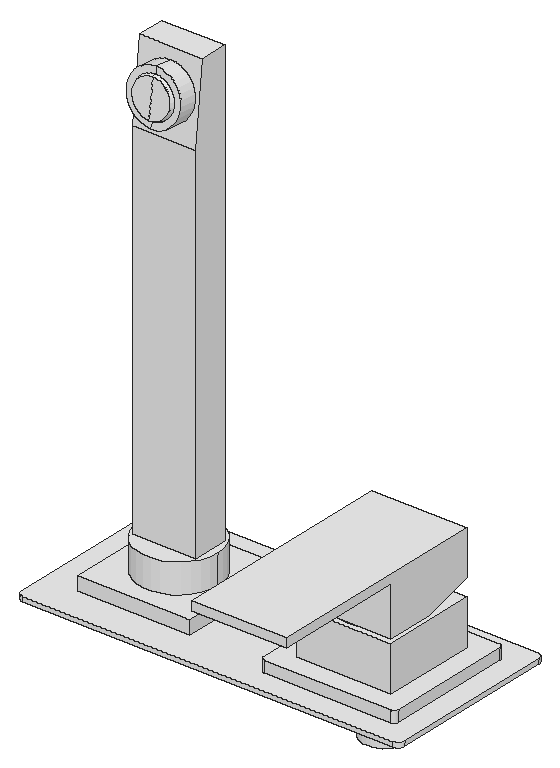
Revit family "Mixer-Basin-Caroma Quatro Solid-Wall", category Plumbing Fixtures, host Face, Revit 2013
Parameters (values of type "Standard")
  Waste Connection = no
  Vent Connection = no
  URL = "http://www.caroma.com.au/"
  Type Comments = "Caroma Quatro Solid Wall Basin Mixer"  # constant formula
  Model = "90717C6A"  # constant formula
  Material_ANZRS = Metal-Chrome-Caroma
  Manufacturer = "GWA Bathrooms & Kitchens"  # constant formula
  HWFU = 1.2  # constant formula
  HW Connection = yes
  Description = "WELS 6 Star rated, 4.5L/min"  # constant formula
  Default Elevation = 900 mm
  CreatedBy_ANZRS = "Design Content"  # constant formula
  CreatedByURL_ANZRS = "www.designcontent.com.au"
  Cost = 0
  Connector Radius = 10 mm
  CWFU = 1.2  # constant formula
  CW Connection = yes
  Assembly Code = "C1030210"
Reference planes
  plane 1 "Center (Front/Back)": y = 0
  plane 2: z = 0
  plane 3 "Center (Left/Right)": x = 0
  plane 4 "Left": x = -85
  plane 5 "Top": y = 40
  plane 6 "Bottom": y = -40
  plane 7 "Right": x = 85
  plane 8: x = 45
  plane 9: x = -45
Forms (mm)
  Extrusion 1, void
    sketch origin (45, 2.5, -112.5) x (0, 1, 0) y (0, 0, 1)
      loop
        line (-7.199, 140.225) -> (22.235, 140.225) -> (22.235, 148.214) -> (-7.199, 140.225)
    from -50 to 50
  Revolve 2, solid, material "Metal-Chrome-Caroma" <- "Material_ANZRS"
    sketch origin (-45, -188.696, 160.937) x (0, -0.009072, -0.999959) y (0, 0.999959, -0.009072)
      loop
        line (-34.304, 171.991) -> (-33.605, 173.426) -> (-30.608, 173.111) -> (-29.766, 181.125) -> (-41.7, 182.38) -> (-42.699, 172.873) -> (-34.304, 171.991)
      axis (-42.699, 172.873) -> (-41.7, 182.38)
    angle from 0 to 360
  Extrusion 3, solid, material "Metal-Chrome-Caroma" <- "Material_ANZRS"
    sketch origin (59.2, 0, 0) x (1, 0, 0) y (0, 1, 0)
      loop
        circle (-7.071, -7.071) r 10
    from -20 to 0
  Extrusion 4, solid, material "Metal-Chrome-Caroma" <- "Material_ANZRS"
    sketch origin (30.8, 0, 0) x (-1, 0, 0) y (0, -1, 0)
      loop
        circle (-7.071, -7.071) r 10
    from -20 to 0
  Extrusion 5, solid, material "Metal-Chrome-Caroma" <- "Material_ANZRS"
    sketch origin (45, 0, -233.5) x (1, 0, 0) y (0, 1, 0)
      loop
        line (21, -79) -> (21, -21) -> (-21, -21) -> (-21, -79) -> (21, -79)
    from 284.2 to 288.2
  Extrusion 6, solid, material "Metal-Chrome-Caroma" <- "Material_ANZRS"
    sketch origin (45, 0, 0) x (1, 0, 0) y (0, 1, 0)
      loop
        arc (-28.028, 30) -> (-29.422, 29.422) -> (-30, 28.028) r 1.972
        line (-30, 28.028) -> (-30, -28)
        arc (-30, -28) -> (-29.414, -29.414) -> (-28, -30) r 2
        line (-28, -30) -> (28, -30)
        arc (28, -30) -> (29.414, -29.414) -> (30, -28) r 2
        line (30, -28) -> (30, 28)
        arc (30, 28) -> (29.414, 29.414) -> (28, 30) r 2
        line (28, 30) -> (-28.028, 30)
    from 0 to 7
  Extrusion 7, solid, material "Metal-Chrome-Caroma" <- "Material_ANZRS"
    sketch origin (45, 0, 0) x (1, 0, 0) y (0, 1, 0)
      loop
        line (-21, 21) -> (-21, -21) -> (21, -21) -> (21, 21) -> (-21, 21)
    from 7 to 27
  Extrusion 8, solid, material "Metal-Chrome-Caroma" <- "Material_ANZRS"
    sketch origin (45, 0, -233.5) x (1, 0, 0) y (0, 1, 0)
      loop
        line (21, 21) -> (-21, 21) -> (-21, -21) -> (21, -21) -> (21, 21)
    from 262.5 to 288.2
  Revolve 9, solid, material "Metal-Chrome-Caroma" <- "Material_ANZRS", detail levels fine
    sketch origin (45, 0, -233.5) x (0, 1, 0) y (0, 0, 1)
      loop
        line (-21, 274.284) -> (-21, 278.776)
        arc (-21, 278.776) -> (-21.757, 278.721) -> (-22.273, 278.164) r 1.034
        arc (-22.273, 278.164) -> (-22.817, 276.258) -> (-23, 274.284) r 10.71
        line (-23, 274.284) -> (-21, 274.284)
      axis (-23, 274.284) -> (-21, 274.284)
    angle from 0 to 360
  Revolve 10, solid, material "Metal-Chrome-Caroma" <- "Material_ANZRS"
    sketch origin (45, 0, -233.5) x (0, 1, 0) y (0, 0, 1)
      loop
        arc (18.995, 260.5) -> (17.363, 268.413) -> (12.735, 275.035) r 20.004
        line (12.735, 275.035) -> (0, 275.035) -> (0, 260.5) -> (18.995, 260.5)
      axis (0, 275.035) -> (0, 260.5)
    angle from 0 to 360
  Extrusion 11, solid, material "Metal-Chrome-Caroma" <- "Material_ANZRS"
    sketch origin (-45, 133.552, 1219.2) x (0, 1, 0) y (0, 0, 1)
      loop
        line (-125.552, -1001.2) -> (-137.552, -1001.2) -> (-141.552, -1036.2) -> (-141.552, -1198.2) -> (-125.552, -1198.2) -> (-125.552, -1001.2)
    from -14 to 14
  Extrusion 12, solid, material "Metal-Chrome-Caroma" <- "Material_ANZRS"
    sketch origin (45, 0, 0) x (1, 0, 0) y (0, 1, 0)
      loop
        line (-115, 25) -> (-115, -25) -> (-65, -25) -> (-65, 25) -> (-115, 25)
    from 0 to 8
  Extrusion 13, solid, material "Metal-Chrome-Caroma" <- "Material_ANZRS"
    sketch origin (45, 0, 0) x (1, 0, 0) y (0, 1, 0)
      loop
        circle (-90, 0) r 17.5
    from 8 to 21
  Extrusion 14, solid, material "Metal-Chrome-Caroma" <- "Material_ANZRS"
    sketch origin (45, 0, 0) x (1, 0, 0) y (0, 1, 0)
      loop
        arc (-127, 40) -> (-129.121, 39.121) -> (-130, 37) r 3
        line (-130, 37) -> (-130, -37)
        arc (-130, -37) -> (-129.121, -39.121) -> (-127, -40) r 3
        line (-127, -40) -> (37, -40)
        arc (37, -40) -> (39.121, -39.121) -> (40, -37) r 3
        line (40, -37) -> (40, 37)
        arc (40, 37) -> (39.121, 39.121) -> (37, 40) r 3
        line (37, 40) -> (-127, 40)
    from 0 to 2
Cuts and joins
  Extrusion 1 cuts Extrusion 8
  joined: Revolve 2, Extrusion 5, Extrusion 6, Extrusion 7, Extrusion 8, Revolve 10, Extrusion 11, Extrusion 12, Extrusion 13, Extrusion 14
Lines and regions (mm)
  Masking region 1
    outline origin (0, 0, 0) x (1, 0, 0) y (0, 1, 0)
      loop
        arc (-82, 40) -> (-84.121, 39.121) -> (-85, 37) r 3
        line (-85, 37) -> (-85, -37)
        arc (-85, -37) -> (-84.121, -39.121) -> (-82, -40) r 3
        line (-82, -40) -> (24, -40) -> (24, -79) -> (66, -79) -> (66, -40) -> (82, -40)
        arc (82, -40) -> (84.121, -39.121) -> (85, -37) r 3
        line (85, -37) -> (85, 37)
        arc (85, 37) -> (84.121, 39.121) -> (82, 40) r 3
        line (82, 40) -> (-82, 40)
  Masking region 2
    outline origin (0, 0, 0) x (1, 0, 0) y (0, 0, 1)
      loop
        line (85, 0) -> (85, 2) -> (75, 2) -> (75, 7) -> (66, 7) -> (66, 27) -> (63.995, 27) -> (63.894, 29) -> (66, 29) -> (66, 54.7) -> (24, 54.7) -> (24, 29) -> (26.106, 29) -> (26.005, 27) -> (24, 27) -> (24, 7) -> (15, 7) -> (15, 2) -> (-20, 2) -> (-20, 8) -> (-27.5, 8) -> (-27.5, 21) -> (-31, 21) -> (-31, 218) -> (-59, 218) -> (-59, 21) -> (-62.5, 21) -> (-62.5, 8) -> (-70, 8) -> (-70, 2) -> (-85, 2) -> (-85, 0) -> (85, 0)
  symbolic lines
    curve 1: line (-31, 8, 0) -> (-59, 8, 0)
    curve 2: line (-59, 8, 0) -> (-59, -8, 0)
    curve 3: line (-59, -4, 0) -> (-31, -4, 0)
    curve 4: line (-31, -8, 0) -> (-31, 8, 0)
    curve 5: spline (-54.324, -14.809, 0) -> (-55.569, -14.597, 0) -> (-56.444, -14.362, 0) -> (-56.916, -14.112, 0) -> (-56.971, -13.857, 0) -> (-56.605, -13.605, 0) -> (-55.832, -13.365, 0) -> (-54.678, -13.146, 0) -> (-53.185, -12.955, 0) -> (-51.404, -12.799, 0) -> (-49.398, -12.684, 0) -> (-47.238, -12.613, 0) -> (-45, -12.589, 0)
    curve 6: spline (-45, -12.589, 0) -> (-42.762, -12.613, 0) -> (-40.602, -12.684, 0) -> (-38.596, -12.799, 0) -> (-36.815, -12.955, 0) -> (-35.322, -13.146, 0) -> (-34.168, -13.365, 0) -> (-33.395, -13.605, 0) -> (-33.029, -13.857, 0) -> (-33.084, -14.112, 0) -> (-33.556, -14.362, 0) -> (-34.431, -14.597, 0) -> (-35.676, -14.809, 0)
    curve 7: spline (-45, -14.483, 0) -> (-47.185, -14.516, 0) -> (-49.221, -14.612, 0) -> (-50.969, -14.764, 0) -> (-52.31, -14.963, 0) -> (-53.154, -15.194, 0) -> (-53.441, -15.442, 0) -> (-53.154, -15.69, 0) -> (-52.31, -15.921, 0) -> (-50.969, -16.12, 0) -> (-49.221, -16.272, 0) -> (-47.185, -16.368, 0) -> (-45, -16.4, 0)
    curve 8: spline (-45, -16.4, 0) -> (-42.815, -16.368, 0) -> (-40.779, -16.272, 0) -> (-39.031, -16.12, 0) -> (-37.69, -15.921, 0) -> (-36.846, -15.69, 0) -> (-36.559, -15.442, 0) -> (-36.846, -15.194, 0) -> (-37.69, -14.963, 0) -> (-39.031, -14.764, 0) -> (-40.779, -14.612, 0) -> (-42.815, -14.516, 0) -> (-45, -14.483, 0)
    curve 9: spline (-36.013, -13.952, 0) -> (-36.32, -13.687, 0) -> (-37.217, -13.441, 0) -> (-38.645, -13.23, 0) -> (-40.507, -13.068, 0) -> (-42.674, -12.966, 0) -> (-45, -12.931, 0) -> (-47.326, -12.966, 0) -> (-49.493, -13.068, 0) -> (-51.355, -13.23, 0) -> (-52.783, -13.441, 0) -> (-53.68, -13.687, 0) -> (-53.987, -13.952, 0)
    curve 10: arc (-62.5, 0, 0) -> (-61.066, -6.937, 0) -> (-57, -12.738, 0) r 17.5
    curve 11: spline (-57, -5.945, 0) -> (-56.591, -5.592, 0) -> (-55.392, -5.264, 0) -> (-53.485, -4.982, 0) -> (-51, -4.765, 0) -> (-48.106, -4.629, 0) -> (-45, -4.582, 0) -> (-41.894, -4.629, 0) -> (-39, -4.765, 0) -> (-36.515, -4.982, 0) -> (-34.608, -5.264, 0) -> (-33.409, -5.592, 0) -> (-33, -5.945, 0)
    curve 12: arc (-27.5, 0, 0) -> (-45, 17.5, 0) -> (-62.5, 0, 0) r 17.5
    curve 13: line (-59, -8, 0) -> (-57, -8, 0)
    curve 14: line (-33, -8, 0) -> (-31, -8, 0)
    curve 15: line (-57, -5.945, 0) -> (-57, -13.952, 0)
    curve 16: line (-33, -5.945, 0) -> (-33, -13.952, 0)
    curve 17: line (-36.013, -13.952, 0) -> (-36.559, -15.442, 0)
    curve 18: line (-53.987, -13.952, 0) -> (-53.441, -15.442, 0)
    curve 19: arc (-33, -12.738, 0) -> (-28.934, -6.937, 0) -> (-27.5, 0, 0) r 17.5
    curve 20: arc (-36.507, -15.301, 0) -> (-36.088, -15.061, 0) -> (-35.676, -14.809, 0) r 17.5
    curve 21: arc (-52.23, -15.937, 0) -> (-45, -17.5, 0) -> (-37.77, -15.937, 0) r 17.5
    curve 22: arc (-54.324, -14.809, 0) -> (-53.912, -15.061, 0) -> (-53.493, -15.301, 0) r 17.5
    curve 23: line (-70, 25, 0) -> (-20, 25, 0)
    curve 24: line (-70, -25, 0) -> (-70, 25, 0)
    curve 25: line (-20, -25, 0) -> (-70, -25, 0)
    curve 26: line (-20, 25, 0) -> (-20, -25, 0)
    curve 27: line (15, 28.028, 0) -> (15, -28, 0)
    curve 28: arc (16.972, 30, 0) -> (15.578, 29.422, 0) -> (15, 28.028, 0) r 1.972
    curve 29: line (73, 30, 0) -> (16.972, 30, 0)
    curve 30: arc (75, 28, 0) -> (74.414, 29.414, 0) -> (73, 30, 0) r 2
    curve 31: line (75, -28, 0) -> (75, 28, 0)
    curve 32: arc (73, -30, 0) -> (74.414, -29.414, 0) -> (75, -28, 0) r 2
    curve 33: line (17, -30, 0) -> (24, -30, 0)
    curve 34: arc (15, -28, 0) -> (15.586, -29.414, 0) -> (17, -30, 0) r 2
    curve 35: line (24, 21, 0) -> (24, -79, 0)
    curve 36: line (66, 21, 0) -> (24, 21, 0)
    curve 37: line (66, -79, 0) -> (66, 21, 0)
    curve 38: line (24, -79, 0) -> (66, -79, 0)
    curve 39: line (66, -30, 0) -> (73, -30, 0)
    curve 40: line (75, 0, 7) -> (15, 0, 7)
    curve 41: line (85, 0, 2) -> (-85, 0, 2)
    curve 42: line (-20, 0, 8) -> (-70, 0, 8)
    curve 43: line (-27.5, 0, 21) -> (-62.5, 0, 21)
    curve 44: line (66, 0, 27) -> (24, 0, 27)
    curve 45: line (24, 0, 34.7) -> (66, 0, 34.7)
    curve 46: line (63.894, 0, 29) -> (63.995, 0, 27)
    curve 47: line (26.106, 0, 29) -> (26.005, 0, 27)
    curve 48: spline (63.893, 0, 29) -> (63.675, 0, 29.635) -> (63.148, 0, 30.257) -> (62.32, 0, 30.856) -> (61.205, 0, 31.423) -> (59.823, 0, 31.947) -> (58.194, 0, 32.421) -> (56.347, 0, 32.836) -> (54.312, 0, 33.185) -> (52.123, 0, 33.463) -> (49.815, 0, 33.665) -> (47.428, 0, 33.788) -> (45, 0, 33.83)
    curve 49: spline (45, 0, 33.83) -> (42.572, 0, 33.788) -> (40.185, 0, 33.665) -> (37.877, 0, 33.463) -> (35.688, 0, 33.185) -> (33.653, 0, 32.836) -> (31.806, 0, 32.421) -> (30.177, 0, 31.947) -> (28.795, 0, 31.423) -> (27.68, 0, 30.856) -> (26.852, 0, 30.257) -> (26.325, 0, 29.635) -> (26.107, 0, 29)
Dimensions and locks
  aligned and locked: plane 2 to host face
  aligned and locked: level to host face
Connectors
  piping at (52.129, -7.071, -20), driven by "Connector Radius", driven by "CWFU"
    settings: on Extrusion 3, index 3, connector radius 0.3937", flow factor 0, pipe flow 0 GPM, pressure drop 0.00 psi, fitting loss kfactor 0, connector angle 0.00°, fixture units 1.2, engagement length 0 mm, flow configuration 3, flow direction 1, fitting loss method 1, system type 20, joint type 0, gender type 0, connector reference index -1, connector utility 0, adjustable connector no, is connector primary yes, fitting loss table "Inward Projecting Pipe", connector description "Cold Inlet"
  piping at (37.871, 7.071, -20), driven by "Connector Radius", driven by "HWFU"
    settings: on Extrusion 4, index 4, connector radius 0.3937", flow factor 0, pipe flow 0 GPM, pressure drop 0.00 psi, fitting loss kfactor 0, connector angle 0.00°, fixture units 1.2, engagement length 0 mm, flow configuration 3, flow direction 1, fitting loss method 1, system type 19, joint type 0, gender type 0, connector reference index -1, connector utility 0, adjustable connector no, is connector primary no, fitting loss table "Inward Projecting Pipe", connector description "Hot Inlet"
